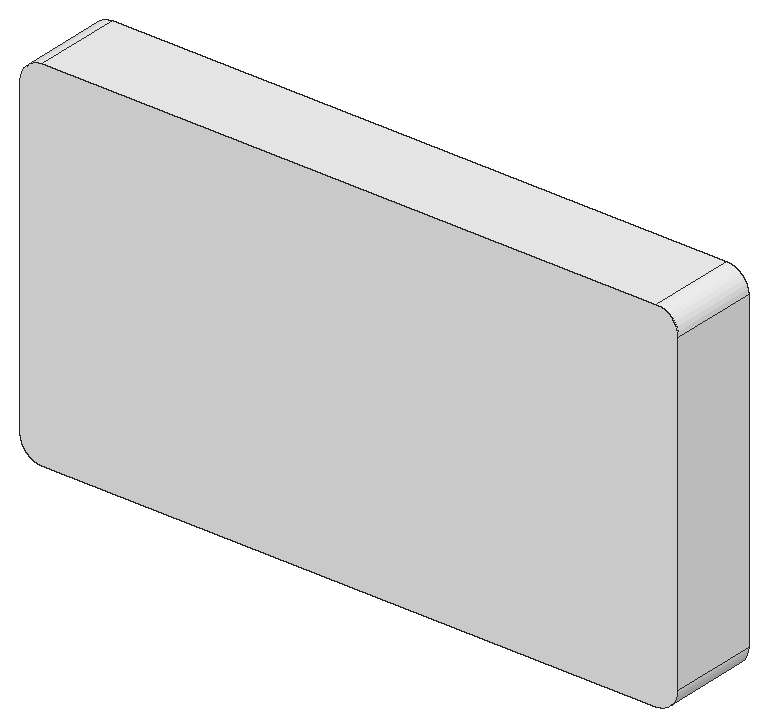
Revit family "Esserbus transponder", category Fire Alarm Devices, Revit 2014
Parameters (values of type "esserbus FSA transponder for fire doors")
  Transponder [instance] = "Trans"
  material 2 = Black
  material = White
  l1 = 150 mm
  h1 = 82 mm
  distance to the wall [instance] = 0 mm
  distance symbol from center [instance] = 0 mm
  content_version = "1.0"
  content_date_modified = "16.06.2015"
  content_date_creation = "16.06.2015"  # constant formula
  b1 = 20 mm
  article number = "808619.1"
  URL = "http://www.esser-systems.com/en/produkte/details/transponders-input-amp-output-modules/esserbus/80861910-esserbus-fsa-transponder-for-fire-doors.html"
  Model = "esserbus FSA transponder for fire doors"
  Manufacturer = "Esser by Honeywell"  # constant formula
  GTIN = ""
  GLN = ""
Types (5, lengths in mm): name | l1 | h1 | article number | URL | Model
  esserbus alarm transponder | 82 | 72 | "808623" | "http://www.esser-systems.com/en/produkte/details/transponders-input-amp-output-modules/esserbus/808623-esserbus-alarm-transponder-4-in2-out-with-isolator.html" | "esserbus alarm transponder, 4 IN/2 OUT with isolator"
  esserbus transponder 12 relays (8 bit) | 150 | 82 | "808610.1" | "http://www.esser-systems.com/en/produkte/details/transponders-input-amp-output-modules/esserbus/80861010-esserbus-transponder-12-relays-8-bit.html" | "esserbus transponder 12 relays (8 bit)"
  esserbus transponder 32 LED | 150 | 82 | "808611.1" | "http://www.esser-systems.com/en/produkte/details/transponders-input-amp-output-modules/esserbus/80861110-esserbus-transponder-32-led.html" | "esserbus transponder 32 LED"
  esserbus transponder for UniVario | 150 | 82 | "808623.1" | "http://www.esser-systems.com/en/produkte/details/transponders-input-amp-output-modules/esserbus/80862310-esserbus-transponder-for-univario-with-isolator.html" | "esserbus transponder for UniVario with isolator"
  esserbus FSA transponder for fire doors | 150 | 82 | "808619.1" | "http://www.esser-systems.com/en/produkte/details/transponders-input-amp-output-modules/esserbus/80861910-esserbus-fsa-transponder-for-fire-doors.html" | "esserbus FSA transponder for fire doors"
Reference planes
  plane 1 "Center (Front/Back)": y = 0
  plane 2: z = 0
  plane 3 "Center (Left/Right)": x = 0
  plane 4 "Left": x = 75
  plane 5 "Right": x = -75
  plane 6 "Front": y = 20
  plane 7 "Top": z = 41
  plane 8 "Bottom": z = -41
Forms (mm)
  Extrusion 1, solid, material "White" <- "material"
    sketch origin (0, 20, 0) x (1, 0, 0) y (0, 0, 1)
      loop
        line (70, 41) -> (-70, 41)
        arc (-70, 41) -> (-73.536, 39.536) -> (-75, 36) r 5
        line (-75, 36) -> (-75, -36)
        arc (-75, -36) -> (-73.536, -39.536) -> (-70, -41) r 5
        line (-70, -41) -> (70, -41)
        arc (70, -41) -> (73.536, -39.536) -> (75, -36) r 5
        line (75, -36) -> (75, 36)
        arc (75, 36) -> (73.536, 39.536) -> (70, 41) r 5
    from 0 to 20
  Extrusion 2, solid, material "Black" <- "material 2"
    sketch origin (0, 20, 0) x (1, 0, 0) y (0, 0, 1)
      loop
        line (-6.622, 2.483) -> (-6.622, 0.517) -> (-10.347, 0.517) -> (-10.347, -0.31) -> (-6.622, -0.31) -> (-6.622, -2.483) -> (-10.657, -2.483) -> (-10.657, -3.311) -> (-5.794, -3.311) -> (-5.794, 3.311) -> (-10.553, 3.311) -> (-10.553, 2.483) -> (-6.622, 2.483)
      loop
        line (-13.095, 0.976) -> (-15.702, 0.163)
        arc (-15.702, 0.163) -> (-16.518, -0.451) -> (-16.761, -1.444) r 1.519
        arc (-16.761, -1.444) -> (-16.204, -2.684) -> (-15.019, -3.35) r 2.171
        arc (-15.019, -3.35) -> (-14.283, -3.42) -> (-13.548, -3.345) r 3.761
        arc (-13.548, -3.345) -> (-12.168, -2.529) -> (-11.588, -1.035) r 2.449
        line (-11.588, -1.035) -> (-12.418, -1.035)
        arc (-12.418, -1.035) -> (-12.81, -2.004) -> (-13.713, -2.532) r 1.619
        arc (-13.713, -2.532) -> (-14.286, -2.59) -> (-14.86, -2.536) r 2.931
        arc (-14.86, -2.536) -> (-15.592, -2.124) -> (-15.936, -1.358) r 1.341
        arc (-15.936, -1.358) -> (-15.826, -0.908) -> (-15.455, -0.629) r 0.689
        line (-15.455, -0.629) -> (-12.524, 0.285)
        arc (-12.524, 0.285) -> (-11.97, 0.869) -> (-11.794, 1.655) r 1.516
        arc (-11.794, 1.655) -> (-12.281, 2.795) -> (-13.393, 3.341) r 1.78
        line (-13.393, 3.341) -> (-14.314, 3.428)
        arc (-14.314, 3.428) -> (-15.868, 2.884) -> (-16.674, 1.448) r 2.33
        line (-16.674, 1.448) -> (-15.83, 1.448)
        arc (-15.83, 1.448) -> (-15.222, 2.333) -> (-14.179, 2.586) r 1.501
        line (-14.179, 2.586) -> (-13.264, 2.469)
        arc (-13.264, 2.469) -> (-12.812, 2.141) -> (-12.623, 1.615) r 0.951
        arc (-12.623, 1.615) -> (-12.754, 1.218) -> (-13.095, 0.976) r 0.672
      loop
        line (-28.866, 3.311) -> (-28.866, 2.483) -> (-24.934, 2.483) -> (-24.934, 0.517) -> (-28.659, 0.517) -> (-28.659, -0.31) -> (-24.934, -0.31) -> (-24.934, -2.483) -> (-28.969, -2.483) -> (-28.969, -3.311) -> (-24.107, -3.311) -> (-24.107, 3.311) -> (-28.866, 3.311)
      loop
        arc (-33.549, -0.31) -> (-33.88, -0.549) -> (-34.161, -0.845) r 2.195
        line (-34.161, -0.845) -> (-34.69, -1.516) -> (-35.794, -3.311) -> (-34.832, -3.311) -> (-33.971, -1.938) -> (-33.348, -1.03)
        arc (-33.348, -1.03) -> (-32.777, -0.544) -> (-32.037, -0.414) r 1.43
        line (-32.037, -0.414) -> (-31.038, -0.414) -> (-31.038, -3.311) -> (-30.211, -3.311) -> (-30.211, 3.311) -> (-33.064, 3.311)
        arc (-33.064, 3.311) -> (-33.732, 3.266) -> (-34.389, 3.132) r 5.002
        arc (-34.389, 3.132) -> (-35.131, 2.465) -> (-35.384, 1.499) r 1.736
        arc (-35.384, 1.499) -> (-35.091, 0.564) -> (-34.364, -0.091) r 1.855
        arc (-34.364, -0.091) -> (-33.968, -0.242) -> (-33.549, -0.31) r 2.087
      loop
        line (-31.038, 2.483) -> (-33.1, 2.483)
        arc (-33.1, 2.483) -> (-33.671, 2.41) -> (-34.206, 2.197) r 2.283
        arc (-34.206, 2.197) -> (-34.467, 1.874) -> (-34.556, 1.468) r 0.901
        arc (-34.556, 1.468) -> (-34.467, 1.062) -> (-34.206, 0.739) r 0.901
        arc (-34.206, 0.739) -> (-33.671, 0.525) -> (-33.1, 0.453) r 2.283
        line (-33.1, 0.453) -> (-31.038, 0.453) -> (-31.038, 2.483)
      loop
        line (-19.199, 0.976) -> (-21.806, 0.163)
        arc (-21.806, 0.163) -> (-22.623, -0.451) -> (-22.865, -1.444) r 1.519
        arc (-22.865, -1.444) -> (-22.309, -2.684) -> (-21.123, -3.35) r 2.171
        arc (-21.123, -3.35) -> (-20.387, -3.42) -> (-19.652, -3.345) r 3.761
        arc (-19.652, -3.345) -> (-18.272, -2.529) -> (-17.692, -1.035) r 2.449
        line (-17.692, -1.035) -> (-18.523, -1.035)
        arc (-18.523, -1.035) -> (-18.914, -2.004) -> (-19.817, -2.532) r 1.619
        arc (-19.817, -2.532) -> (-20.39, -2.59) -> (-20.964, -2.536) r 2.931
        arc (-20.964, -2.536) -> (-21.696, -2.124) -> (-22.04, -1.358) r 1.341
        arc (-22.04, -1.358) -> (-21.93, -0.908) -> (-21.559, -0.629) r 0.689
        line (-21.559, -0.629) -> (-18.628, 0.285)
        arc (-18.628, 0.285) -> (-18.074, 0.869) -> (-17.898, 1.655) r 1.516
        arc (-17.898, 1.655) -> (-18.385, 2.795) -> (-19.497, 3.341) r 1.78
        line (-19.497, 3.341) -> (-20.418, 3.428)
        arc (-20.418, 3.428) -> (-21.972, 2.884) -> (-22.779, 1.448) r 2.33
        line (-22.779, 1.448) -> (-21.934, 1.448)
        arc (-21.934, 1.448) -> (-21.327, 2.333) -> (-20.283, 2.586) r 1.501
        line (-20.283, 2.586) -> (-19.368, 2.469)
        arc (-19.368, 2.469) -> (-18.916, 2.141) -> (-18.727, 1.615) r 0.951
        arc (-18.727, 1.615) -> (-18.858, 1.218) -> (-19.199, 0.976) r 0.672
    from -1 to 0
Lines and regions (mm)
  model lines
    curve 1: line (75, 20, -8.2) -> (-75, 20, -8.2)
    curve 2: line (75, 20, -16.4) -> (-75, 20, -16.4)
    curve 3: line (75, 20, -24.6) -> (-75, 20, -24.6)
    curve 4: line (75, 20, -32.8) -> (-75, 20, -32.8)
    curve 5: line (75, 20, 8.2) -> (-75, 20, 8.2)
    curve 6: line (75, 20, 16.4) -> (-75, 20, 16.4)
    curve 7: line (75, 20, 24.6) -> (-75, 20, 24.6)
    curve 8: line (75, 20, 32.8) -> (-75, 20, 32.8)
Dimensions and locks
  equal spacing: plane 4 "Left", plane 3 "Center (Left/Right)", plane 5 "Right"
  "b1": plane 1 "Center (Front/Back)" to plane 6 "Front"
  "l1": plane 4 "Left" to plane 5 "Right"
  locked: plane 2 to level
  equal spacing: plane 7 "Top", level, plane 8 "Bottom"
  "h1": plane 7 "Top" to plane 8 "Bottom"
  equal spacing: plane 8 "Bottom", curve 4, curve 3, curve 2, curve 1, plane 2
  equal spacing: plane 7 "Top", curve 8, curve 7, curve 6, curve 5, plane 2
  aligned and locked: plane 7 "Top" to Extrusion 1 sketch curve
  aligned and locked: Extrusion 1 sketch curve to plane 4 "Left"
  aligned and locked: Extrusion 1 sketch curve to plane 8 "Bottom"
  aligned and locked: Extrusion 1 sketch curve to plane 5 "Right"
  aligned and locked: plane 1 "Center (Front/Back)" to Extrusion 1
Automatic sketch dimensions
  curve 8 to plane 5 "Right" = 0 mm
  curve 1 to plane 5 "Right" = 0 mm
  curve 6 to plane 5 "Right" = 0 mm
  curve 2 to plane 5 "Right" = 0 mm
  curve 5 to plane 5 "Right" = 0 mm
  curve 3 to plane 5 "Right" = 0 mm
  curve 4 to plane 5 "Right" = 0 mm
  curve 7 to plane 5 "Right" = 0 mm
  plane 4 "Left" to curve 3 = 0 mm
  plane 4 "Left" to curve 6 = 0 mm
  plane 4 "Left" to curve 2 = 0 mm
  plane 4 "Left" to curve 7 = 0 mm
  plane 4 "Left" to curve 5 = 0 mm
  plane 4 "Left" to curve 4 = 0 mm
  plane 4 "Left" to curve 8 = 0 mm
  plane 4 "Left" to curve 1 = 0 mm
  plane 5 "Right" to Extrusion 1 sketch curve = 5 mm  (x2)
  Extrusion 1 sketch curve to Extrusion 1 sketch curve = 5 mm  (x2)
  Extrusion 2 sketch curve to Extrusion 2 sketch curve = 0 mm  (x40)
  Extrusion 2 sketch curve to level = 3.311 mm
  plane 3 "Center (Left/Right)" to Extrusion 2 sketch curve = 35.794 mm
  Extrusion 2 sketch curve to Extrusion 2 sketch curve = 0.962 mm
  Extrusion 2 sketch curve to level = 1.516 mm
  Extrusion 2 sketch curve to Extrusion 2 sketch curve = 0.142 mm
  Extrusion 2 sketch curve to level = 0.845 mm
  Extrusion 2 sketch curve to Extrusion 2 sketch curve = 0.529 mm
  Extrusion 2 sketch curve to level = 1.938 mm
  Extrusion 2 sketch curve to Extrusion 2 sketch curve = 0.719 mm
  Extrusion 2 sketch curve to Extrusion 2 sketch curve = 0.506 mm
  Extrusion 2 sketch curve to Extrusion 2 sketch curve = 0.006 mm
  Extrusion 2 sketch curve to Extrusion 2 sketch curve = 0.119 mm
  Extrusion 2 sketch curve to Extrusion 2 sketch curve = 0.104 mm
  Extrusion 2 sketch curve to level = 1.03 mm
  Extrusion 2 sketch curve to Extrusion 2 sketch curve = 0.813 mm
  Extrusion 2 sketch curve to Extrusion 2 sketch curve = 0.326 mm
  Extrusion 2 sketch curve to Extrusion 2 sketch curve = 0.036 mm  (x3)
  Extrusion 2 sketch curve to Extrusion 2 sketch curve = 0.627 mm
  Extrusion 2 sketch curve to Extrusion 2 sketch curve = 0.268 mm
  Extrusion 2 sketch curve to Extrusion 2 sketch curve = 1.062 mm
  Extrusion 2 sketch curve to Extrusion 2 sketch curve = 2.061 mm
  Extrusion 2 sketch curve to Extrusion 2 sketch curve = 0.828 mm  (x8)
  Extrusion 2 sketch curve to Extrusion 2 sketch curve = 1.242 mm
  Extrusion 2 sketch curve to Extrusion 2 sketch curve = 1.345 mm
  level to Extrusion 2 sketch curve = 0.517 mm  (x2)
  Extrusion 2 sketch curve to Extrusion 2 sketch curve = 0.207 mm  (x3)
  Extrusion 2 sketch curve to level = 0.31 mm  (x2)
  Extrusion 2 sketch curve to Extrusion 2 sketch curve = 3.725 mm  (x2)
  Extrusion 2 sketch curve to Extrusion 2 sketch curve = 1.328 mm
  Extrusion 2 sketch curve to Extrusion 2 sketch curve = 0.845 mm  (x2)
  level to Extrusion 2 sketch curve = 0.163 mm  (x2)
  Extrusion 2 sketch curve to Extrusion 2 sketch curve = 0.128 mm  (x2)
  Extrusion 2 sketch curve to level = 0.629 mm  (x2)
  Extrusion 2 sketch curve to Extrusion 2 sketch curve = 0.247 mm  (x2)
  Extrusion 2 sketch curve to Extrusion 2 sketch curve = 0.205 mm  (x2)
  Extrusion 2 sketch curve to Extrusion 2 sketch curve = 0.648 mm  (x2)
  level to Extrusion 2 sketch curve = 1.098 mm  (x2)
  Extrusion 2 sketch curve to Extrusion 2 sketch curve = 1.459 mm  (x2)
  Extrusion 2 sketch curve to Extrusion 2 sketch curve = 0.056 mm  (x2)
  level to Extrusion 2 sketch curve = 0.341 mm  (x2)
  Extrusion 2 sketch curve to Extrusion 2 sketch curve = 0.074 mm  (x2)
  level to Extrusion 2 sketch curve = 2.586 mm  (x2)
  Extrusion 2 sketch curve to Extrusion 2 sketch curve = 0.135 mm  (x2)
  Extrusion 2 sketch curve to Extrusion 2 sketch curve = 0.567 mm  (x2)
  Extrusion 2 sketch curve to Extrusion 2 sketch curve = 0.798 mm  (x2)
  level to Extrusion 2 sketch curve = 3.341 mm  (x2)
  Extrusion 2 sketch curve to Extrusion 2 sketch curve = 0.921 mm  (x2)
  Extrusion 2 sketch curve to Extrusion 2 sketch curve = 0.265 mm  (x2)
  Extrusion 2 sketch curve to Extrusion 2 sketch curve = 0.013 mm  (x4)
  level to Extrusion 2 sketch curve = 2.469 mm  (x2)
  Extrusion 2 sketch curve to Extrusion 2 sketch curve = 0.031 mm  (x2)
  level to Extrusion 2 sketch curve = 0.976 mm  (x2)
  Extrusion 2 sketch curve to Extrusion 2 sketch curve = 0.213 mm  (x2)
  level to Extrusion 2 sketch curve = 0.285 mm  (x2)
  Extrusion 2 sketch curve to Extrusion 2 sketch curve = 0.571 mm  (x2)
  Extrusion 2 sketch curve to Extrusion 2 sketch curve = 0.106 mm  (x2)
  Extrusion 2 sketch curve to Extrusion 2 sketch curve = 0.83 mm  (x2)
  Extrusion 2 sketch curve to Extrusion 2 sketch curve = 1.954 mm
  Extrusion 2 sketch curve to Extrusion 2 sketch curve = 0.931 mm
  Extrusion 2 sketch curve to Extrusion 2 sketch curve = 2.711 mm
  Extrusion 2 sketch curve to Extrusion 2 sketch curve = 1.372 mm
  Extrusion 2 sketch curve to Extrusion 2 sketch curve = 3 mm
  Extrusion 2 sketch curve to Extrusion 2 sketch curve = 1.173 mm
  Extrusion 2 sketch curve to Extrusion 2 sketch curve = 0.365 mm
  Extrusion 2 sketch curve to Extrusion 2 sketch curve = 0.661 mm
  Extrusion 2 sketch curve to Extrusion 2 sketch curve = 0.658 mm  (x2)
  Extrusion 2 sketch curve to Extrusion 2 sketch curve = 0.067 mm  (x2)
  Extrusion 2 sketch curve to level = 1.035 mm
  Extrusion 2 sketch curve to Extrusion 2 sketch curve = 0.409 mm
  Extrusion 2 sketch curve to Extrusion 2 sketch curve = 0.275 mm  (x2)
  level to Extrusion 2 sketch curve = 0.2 mm
  level to Extrusion 2 sketch curve = 0.453 mm
  Extrusion 2 sketch curve to Extrusion 2 sketch curve = 0.999 mm
  Extrusion 2 sketch curve to Extrusion 2 sketch curve = 0.032 mm
  Extrusion 2 sketch curve to Extrusion 2 sketch curve = 0.078 mm
  Extrusion 2 sketch curve to Extrusion 2 sketch curve = 0.004 mm
  Extrusion 2 sketch curve to Extrusion 2 sketch curve = 0.593 mm  (x2)
  Extrusion 2 sketch curve to Extrusion 2 sketch curve = 1.966 mm  (x2)
  Extrusion 2 sketch curve to Extrusion 2 sketch curve = 2.03 mm
  Extrusion 2 sketch curve to Extrusion 2 sketch curve = 0.252 mm
  Extrusion 2 sketch curve to Extrusion 2 sketch curve = 0.575 mm
  level to Extrusion 2 sketch curve = 1.499 mm
  Extrusion 2 sketch curve to Extrusion 2 sketch curve = 0.35 mm
Nested families
  nested 1: "NLRS_65_GA_UN_Transponder_generiek_CGA_ENG" at (0, 0, 0), distance to the wall <- "distance to the wall", distance symbol from center <- "distance symbol from center", Transponder <- "Transponder", type "Transponder_generiek"
    with distance to the wall 0 mm, distance symbol from center 0 mm, atdm 0 mm, afst mid plus 0 mm, afst mid min 0 mm, Transponder "Trans"
Connectors
  electrical at (0, 0, 0)
    settings: on Extrusion 1, index 1, voltage 0 V, apparent load 0 VA, apparent load phase1 0 VA, apparent load phase2 0 VA, apparent load phase3 0 VA, power factor 1, load classification "Other", number of poles 1, system type 11, power factor state 1, is connector primary yes, connector utility no, sub classification motor no, connector description ""
Definition of nested family "NLRS_65_GA_UN_Transponder_generiek_CGA_ENG"
  Parameters (values of type "Transponder_generiek")
    content_version = "3.4"  # constant formula
    content_modified_date = "01-09-2013"  # constant formula
    content_creation_date = "01-01-2012"  # constant formula
    atdm [instance] = if(distance to the wall < 0 mm, -1 * distance to the wall, distance to the wall)  # 0 mm
    distance to the wall [instance] = 0 mm
    distance symbol from center [instance] = 0 mm
    afst mid plus [instance] = if(distance symbol from center > 0 mm, distance symbol from center, 0 mm)  # 0 mm
    afst mid min [instance] = if(distance symbol from center < 0 mm, -1 * distance symbol from center, 0 mm)  # 0 mm
    Description = "Transponder"  # constant formula
    Copyright © Cadac = "www.cadac.com/aec"
    Transponder [instance] = "Transponder"
  Reference planes
    plane 1: y = 0
    plane 2: x = 0
  Lines and regions (mm)
    reference lines, not visible
      curve 1: line (0, 8.982, 0) -> (0, -8.267, 0)
      curve 2: line (0, -8.267, 0) -> (0, 9, 0)
      curve 3: line (-13, 0, 0) -> (13.702, 0, 0)
    detail lines, style "Electrical Equipment_Fire Safety Equipment"
      curve 4: line (-5, 0, 0) -> (-5, 5, 0)
      curve 5: line (-5, 5, 0) -> (5, 5, 0)
      curve 6: line (5, 5, 0) -> (5, 0, 0)
      curve 7: line (0, 0, 0) -> (-5, 0, 0)
      curve 8: line (0, 0, 0) -> (5, 0, 0)
    detail lines, style "Electrical Equipment_Fire Safety Equipment", not visible
      curve 9: line (-52.377, 40.649, 0) -> (-52.377, 45.649, 0)
      curve 10: line (-52.377, 45.649, 0) -> (-42.377, 45.649, 0)
      curve 11: line (-42.377, 45.649, 0) -> (-42.377, 40.649, 0)
      curve 12: line (-47.377, 40.649, 0) -> (-52.377, 40.649, 0)
      curve 13: line (-47.377, 40.649, 0) -> (-42.377, 40.649, 0)
      curve 30: line (0, 5, 0) -> (0, 4.8, 0)
      curve 31: line (-47.377, 45.649, 0) -> (-47.377, 45.449, 0)
    detail lines, not visible
      curve 14: arc (-1.5, 9, 0) -> (0, 7.5, 0) -> (1.5, 9, 0) r 1.5
      curve 15: circle (-1.933, 6.116, 0) r 0.5 normal (0, 0, 1)
      curve 16: line (0, 0, 0) -> (0, 7.5, 0)
      curve 17: line (-1.5, 7.5, 0) -> (1.5, 7.5, 0)
      curve 18: line (1.5, 1.134, 0) -> (-1.5, 2.866, 0)
      curve 19: line (1.5, 2.134, 0) -> (-1.5, 3.866, 0)
      curve 20: line (1.5, 3.134, 0) -> (-1.5, 4.866, 0)
      curve 21: line (1.5, 4.134, 0) -> (-1.5, 5.866, 0)
      curve 22: line (-3, 7.732, 0) -> (1.5, 5.134, 0)
      curve 23: line (-3, 8.982, 0) -> (-3, 6.482, 0)
      curve 24: line (1.299, 8.25, 0) -> (-1.299, 8.25, 0)
      curve 25: line (1.161, 8.05, 0) -> (-1.161, 8.05, 0)
      curve 26: line (0.963, 7.85, 0) -> (-0.963, 7.85, 0)
      curve 27: line (0.654, 7.65, 0) -> (-0.654, 7.65, 0)
      curve 28: arc (-1.683, 6.116, 0) -> (-1.933, 6.366, 0) -> (-2.183, 6.116, 0) r 0.25
      curve 29: arc (-2.183, 6.116, 0) -> (-1.933, 5.866, 0) -> (-1.683, 6.116, 0) r 0.25
  Text (mm)
    text "Cadac Group AEC" at (-305.182, -0.685, 0), not visible
    label "I/O unit" at (-0.292, 2.326, 0), shows "Transponder"
    label "I/O unit" at (-47.669, 42.975, 0), shows "Transponder", not visible
  Dimensions and locks
    "atdm": plane 1 to curve 3
    "afst mid plus": curve 1 to curve 2
    "afst mid min": plane 2 to curve 2
    aligned and locked: curve 3 to curve 8
    aligned and locked: curve 1 to curve 30
  Automatic sketch dimensions
    curve 4 to curve 8 = 5 mm
    curve 4 to curve 30 = 5 mm
    curve 7 to curve 8 = 5 mm
    curve 7 to curve 30 = 4.8 mm
    curve 4 to curve 5 = 5 mm
    curve 9 to curve 13 = 5 mm
    curve 9 to curve 31 = 5 mm
    curve 12 to curve 13 = 5 mm
    curve 12 to curve 31 = 4.8 mm
    curve 9 to curve 10 = 5 mm
    curve 3 to plane 2 = 13 mm
    plane 2 to curve 3 = 13.702 mm
    plane 1 to curve 2 = 8.267 mm
    curve 1 to curve 2 = 0 mm
    curve 1 to plane 1 = 8.982 mm
    curve 1 to curve 2 = 0.018 mm
